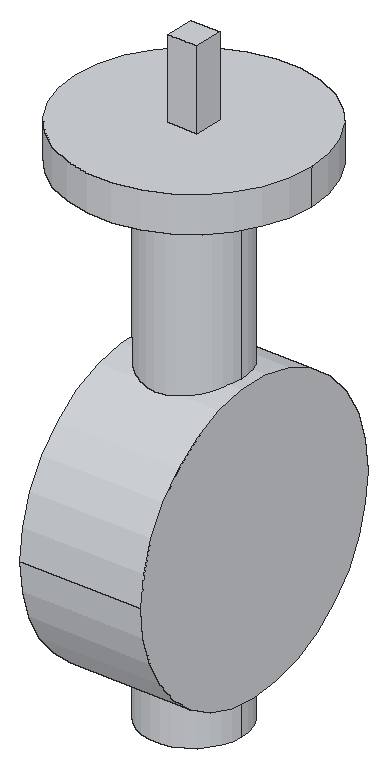
Revit family "HS497-68_disk-nerez_volné vřeteno DN065-RFA_2018", category Pipe Accessories, Revit 2018
Family settings
  Round Connector Dimension = Use Diameter
  Part Type = Valve - Breaks Into
  Work Plane-Based = No
  Always vertical = Yes
  Cut with Voids When Loaded = No
  Shared = No
Parameters (values of type "HS 497-68_DN065_PN16_volné vřeteno")
  magiProductId = "5e5e208646e34ec29f889baab5d08e"
  magiProductFamilyId = "53cea81e6f374d17b8841d9c72ad77"
  magiPartTypeId = 305
  isMeasuringValve [instance] = no
  ang2D [instance] = 0.00°
  X11 = 61.456 mm
  X1 = 25.456 mm
  W2D = 1000 mm
  VersionID = "2.0/2017.9.26.1/ZETKAMA_497_001"
  Use Minimum Symbol Size [instance] = yes
  URL = "http://www.hydronic.cz"
  Type Comments = "mezipřírubová; lnerezový disk; PN16; -10~+110°C (krátkodobě +120°C)"
  SW30 = no
  SW3 = no
  SW21 = no
  SW20 = no
  SW2 = no
  SW1 = yes
  R = 32.5 mm
  QmdConnectorList = "301;D;302;D"
  Productdata [instance] = ""
  NC = 50 mm
  Manufacturer = "Hydronic Systems Prague s.r.o."
  MM20 = 25.456 mm
  MC Product Code = "124 065 (nerezový disk, s volným vřetenem; DN65; PN16, kvs167)"
  M41 = 66 mm
  M4 = 44 mm
  LHL = 220 mm
  LHH3 = 2.45 mm
  LHH1 = 46.55 mm
  LH1 = 73.333 mm
  L4R__ve = -L4R  # -12.8 mm
  L4R = 12.8 mm
  L42__ve = -L42  # -96 mm
  L42 = 96 mm
  L41__ve = -L41  # -19.2 mm
  L41 = 19.2 mm
  L2D_Min = 3048 mm
  L2D = 216 mm
  L2 = 23 mm
  L1 = 36.8 mm
  L = 46 mm
  H = 30 mm
  G22 = 11.25 mm
  G2 = 22.5 mm
  G1 = 90 mm
  G = 90 mm
  F = 11 mm
  E44 = 31.25 mm
  E42 = 62.5 mm
  E4 = 125 mm
  E23 = 4.9 mm
  E22 = 19.6 mm
  E21 = 9.8 mm
  Description = "Mezipřírubová uzavírací klapka s volným vřetenem; nerezový disk, DN65; PN16; kv167"
  DR2 = 32.5 mm
  DR = 108 mm
  DD1 = 15.625 mm
  DD = 12.5 mm
  D = 65 mm
  CAT0 = yes
  B2__ve = -B2  # -36.5 mm
  B2 = 36.5 mm
  A2 = 13.5 mm
  A1 = 89 mm
Types (43, lengths in mm): name | magiProductId | X11 | X1 | Type Comments | SW30 | SW3 | SW20 | SW2 | SW1 | R | NC | Manufacturer | MM20 | MC Product Code | M41 | M4 | LHL | LHH3 | LHH1 | LH1 | L4R__ve | L4R | L42__ve | L42 | L41__ve | L41 | L2 | L1 | L | H | G | F | E44 | E42 | E4 | E23 | E22 | E21 | Description | DR2 | DR | DD1 | DD | D | B2__ve | B2 | A2 | A1
  HS 497-68_DN100_PN16_volné vřeteno | "65d1b245f4f142c78569c0602d5754" | 61.456 | 25.456 | "mezipřírubová; nerezový disk; PN16; -10~+110°C (krátkodobě +120°C)" | no | no | no | no | yes | 50 | 50 | "Hydronic Systems Prague s.r.o." | 25.456 | "124 100 (nerezový disk, s volným vřetenem; DN100; PN16, kvs512)" | 66 | 44 | 220 | 2.45 | 46.55 | 73.333 | -12.8 | 12.8 | -96 | 96 | -19.2 | 19.2 | 26 | 41.6 | 52 | 30 | 90 | 11 | 31.25 | 62.5 | 125 | 4.9 | 19.6 | 9.8 | "Mezipřírubová uzavírací klapka s volným vřetenem; nerezový disk, DN100; PN16; kvs512" | 50 | 147 | 15.625 | 12.5 | 100 | -56 | 56 | 16.5 | 98.5
  HS 497-68_DN100_PN16_převodové kolo | "11e91b807e674d428c8e796fcdcfe2" | 61.456 | 25.456 | "mezipřírubová; nerezový disk; PN16; -10~+110°C (krátkodobě +120°C)" | yes | yes | no | no | no | 50 | 50 | "Hydronic Systems Prague s.r.o." | 25.456 | "126 100 (nerezový disk, s převodovým kolem; DN100; PN16, kvs512)" | 65.25 | 43.5 | 220 | 2.45 | 46.55 | 73.333 | -12.8 | 12.8 | -96 | 96 | -19.2 | 19.2 | 26 | 41.6 | 52 | 30 | 90 | 11 | 31.25 | 62.5 | 125 | 4.9 | 19.6 | 9.8 | "Mezipřírubová uzavírací klapka s převodovým kolem; nerezový disk, DN100; PN16; kvs512" | 50 | 147 | 15.625 | 12.5 | 100 | -56 | 56 | 16.5 | 98.5
  HS 497-68_DN100_PN16_s pákou | "28172f0b3f4b47b28323ac71cf8749" | 61.456 | 25.456 | "mezipřírubová; nerezový disk; PN16; -10~+110°C (krátkodobě +120°C)" | no | no | yes | yes | no | 50 | 50 | "Hydronic Systems Prague s.r.o." | 25.456 | "121 100 (nerezový disk, s pákou; DN100; PN16, kvs512)" | 66 | 44 | 260 | 3 | 57 | 86.667 | -12.8 | 12.8 | -96 | 96 | -19.2 | 19.2 | 26 | 41.6 | 52 | 30 | 90 | 11 | 31.25 | 62.5 | 125 | 6 | 24 | 12 | "Mezipřírubová uzavírací klapka s pákou; nerezový disk, DN100; PN16; kvs512" | 50 | 147 | 15.625 | 12.5 | 100 | -56 | 56 | 16.5 | 98.5
  HS 497-68_DN125_PN16_volné vřeteno | "0d813d910fc14f628bb3c2efbd185c" | 61.456 | 25.456 | "mezipřírubová; nerezový disk; PN16; -10~+110°C (krátkodobě +120°C)" | no | no | no | no | yes | 62.5 | 50 | "Hydronic Systems Prague s.r.o." | 25.456 | "124 125 (nerezový disk, s volným vřetenem; DN125; PN16, kvs872)" | 66 | 44 | 220 | 2.45 | 46.55 | 73.333 | -12.8 | 12.8 | -96 | 96 | -19.2 | 19.2 | 28 | 44.8 | 56 | 33 | 90 | 14 | 31.25 | 62.5 | 125 | 4.9 | 19.6 | 9.8 | "Mezipřírubová uzavírací klapka s volným vřetenem; nerezový disk, DN125; PN16; kvs872" | 62.5 | 180 | 15.625 | 12.5 | 125 | -64 | 64 | 18 | 99.5
  HS 497-68_DN125_PN16_převodové kolo | "c56b7c13f372467684996fb1e0e229" | 61.456 | 25.456 | "mezipřírubová; nerezový disk; PN16; -10~+110°C (krátkodobě +120°C)" | yes | yes | no | no | no | 62.5 | 50 | "Hydronic Systems Prague s.r.o." | 25.456 | "126125 (nerezový disk, s převodovým kolem; DN125; PN16, kvs872)" | 65.25 | 43.5 | 220 | 2.45 | 46.55 | 73.333 | -13.5 | 13.5 | -101.25 | 101.25 | -20.25 | 20.25 | 28 | 44.8 | 56 | 33 | 90 | 14 | 40 | 80 | 160 | 4.9 | 19.6 | 9.8 | "Mezipřírubová uzavírací klapka s převodovým kolem; nerezový disk, DN125; PN16; kvs872" | 62.5 | 180 | 20 | 16 | 125 | -64 | 64 | 18 | 99.5
  HS 497-68_DN125_PN16_s pákou | "105993c79a91492399feef7931321a" | 61.456 | 25.456 | "mezipřírubová; nerezový disk; PN16; -10~+110°C (krátkodobě +120°C)" | no | no | yes | yes | no | 62.5 | 50 | "Hydronic Systems Prague s.r.o." | 25.456 | "121 125 (nerezový disk, s pákou; DN125; PN16, kvs872)" | 66 | 44 | 315 | 3.75 | 71.25 | 105 | -12.8 | 12.8 | -96 | 96 | -19.2 | 19.2 | 28 | 44.8 | 56 | 33 | 90 | 14 | 31.25 | 62.5 | 125 | 7.5 | 30 | 15 | "Mezipřírubová uzavírací klapka s pákou; nerezový disk, DN125; PN16; kvs872" | 62.5 | 180 | 15.625 | 12.5 | 125 | -64 | 64 | 18 | 99.5
  HS 497-68_DN150_PN16_volné vřeteno | "50c80cb8ab434f55ab7796e5ac1331" | 61.456 | 25.456 | "mezipřírubová; nerezový disk; PN16; -10~+110°C (krátkodobě +120°C)" | no | no | no | no | yes | 75 | 50 | "Hydronic Systems Prague s.r.o." | 25.456 | "124 150 (nerezový disk, s volným vřetenem; DN150; PN16, kvs1347)" | 66 | 44 | 220 | 2.45 | 46.55 | 73.333 | -12.8 | 12.8 | -96 | 96 | -19.2 | 19.2 | 28 | 44.8 | 56 | 33 | 90 | 14 | 31.25 | 62.5 | 125 | 4.9 | 19.6 | 9.8 | "Mezipřírubová uzavírací klapka s volným vřetenem; nerezový disk, DN150; PN16; kvs1347" | 75 | 206 | 15.625 | 12.5 | 150 | -58 | 58 | 19.3 | 98.7
  HS 497-68_DN150_PN16_převodové kolo | "d94a1a0cf83b476eb10011b327f709" | 61.456 | 25.456 | "mezipřírubová; nerezový disk; PN16; -10~+110°C (krátkodobě +120°C)" | yes | yes | no | no | no | 75 | 50 | "Hydronic Systems Prague s.r.o." | 25.456 | "126 150 (nerezový disk, s převodovým kolem; DN150; PN16, kvs1347)" | 65.25 | 43.5 | 220 | 2.45 | 46.55 | 73.333 | -13.5 | 13.5 | -101.25 | 101.25 | -20.25 | 20.25 | 28 | 44.8 | 56 | 33 | 90 | 14 | 40 | 80 | 160 | 4.9 | 19.6 | 9.8 | "Mezipřírubová uzavírací klapka s převodovým kolem; nerezový disk, DN150; PN16; kvs1347" | 75 | 206 | 20 | 16 | 150 | -58 | 58 | 19.3 | 98.7
  HS 497-68_DN150_PN16_s pákou | "4d2835523fe84828bc50ff0a5a0dfb" | 61.456 | 25.456 | "mezipřírubová; nerezový disk; PN16; -10~+110°C (krátkodobě +120°C)" | no | no | yes | yes | no | 75 | 50 | "Hydronic Systems Prague s.r.o." | 25.456 | "121 150 (nerezový disk, s pákou; DN150; PN16, kvs1347)" | 66 | 44 | 315 | 3.75 | 71.25 | 105 | -12.8 | 12.8 | -96 | 96 | -19.2 | 19.2 | 28 | 44.8 | 56 | 33 | 90 | 14 | 31.25 | 62.5 | 125 | 7.5 | 30 | 15 | "Mezipřírubová uzavírací klapka s pákou; nerezový disk, DN150; PN16; kvs1347" | 75 | 206 | 15.625 | 12.5 | 150 | -58 | 58 | 19.3 | 98.7
  HS 497-68_DN200_PN16_volné vřeteno | "5b29029eaeba47139ee1055a4b9201" | 61.456 | 25.456 | "mezipřírubová; nerezový disk; PN16; -10~+110°C (krátkodobě +120°C)" | no | no | no | no | yes | 100 | 50 | "Hydronic Systems Prague s.r.o." | 25.456 | "124 200 (nerezový disk, s volným vřetenem; DN200; PN16, kvs2675)" | 66 | 44 | 220 | 2.45 | 46.55 | 73.333 | -12.8 | 12.8 | -96 | 96 | -19.2 | 19.2 | 30 | 48 | 60 | 33 | 90 | 17 | 31.25 | 62.5 | 125 | 4.9 | 19.6 | 9.8 | "Mezipřírubová uzavírací klapka s volným vřetenem; nerezový disk, DN200; PN16; kvs2675" | 100 | 257 | 15.625 | 12.5 | 200 | -70 | 70 | 22.5 | 102.5
  HS 497-68_DN200_PN16_převodové kolo | "b2793cc1fcc44cf2a35062cd67c04f" | 61.456 | 25.456 | "mezipřírubová; nerezový disk; PN16; -10~+110°C (krátkodobě +120°C)" | yes | yes | no | no | no | 100 | 57 | "Hydronic Systems Prague s.r.o." | 25.456 | "126 200 (nerezový disk, s převodovým kolem; DN200; PN16, kvs2675)" | 78.75 | 52.5 | 220 | 2.45 | 46.55 | 73.333 | -15.2 | 15.2 | -114 | 114 | -22.8 | 22.8 | 30 | 48 | 60 | 33 | 90 | 17 | 50 | 100 | 200 | 4.9 | 19.6 | 9.8 | "Mezipřírubová uzavírací klapka s převodovým kolem; nerezový disk, DN200; PN16; kvs2675" | 100 | 257 | 25 | 20 | 200 | -70 | 70 | 22.5 | 102.5
  HS 497-68_DN200_PN16_s pákou | "f88d96c7af224537a51e72d7d8fffe" | 61.456 | 25.456 | "mezipřírubová; nerezový disk; PN16; -10~+110°C (krátkodobě +120°C)" | no | no | yes | yes | no | 100 | 50 | "Hydronic Systems Prague s.r.o." | 25.456 | "121 200 (nerezový disk, s pákou; DN200; PN16, kvs2675)" | 66 | 44 | 315 | 3.75 | 71.25 | 105 | -12.8 | 12.8 | -96 | 96 | -19.2 | 19.2 | 30 | 48 | 60 | 33 | 90 | 17 | 31.25 | 62.5 | 125 | 7.5 | 30 | 15 | "Mezipřírubová uzavírací klapka s pákou; nerezový disk, DN200; PN16; kvs2675" | 100 | 257 | 15.625 | 12.5 | 200 | -70 | 70 | 22.5 | 102.5
  HS 497-68_DN250_PN16_volné vřeteno | "b662e8305ca2402b9c510e66e6aa55" | 88.77 | 36.77 | "mezipřírubová; nerezový disk; PN16; -10~+110°C (krátkodobě +120°C)" | no | no | no | no | yes | 125 | 50 | "Hydronic Systems Prague s.r.o." | 36.77 | "124 250 (nerezový disk, s volným vřetenem; DN250; PN16, kvs4555)" | 66 | 44 | 220 | 2.45 | 46.55 | 73.333 | -12.8 | 12.8 | -96 | 96 | -19.2 | 19.2 | 34 | 54.4 | 68 | 23 | 130 | 22 | 31.25 | 62.5 | 125 | 4.9 | 19.6 | 9.8 | "Mezipřírubová uzavírací klapka s volným vřetenem; nerezový disk, DN250; PN16; kvs4555" | 125 | 324 | 15.625 | 12.5 | 250 | -85 | 85 | 28.25 | 129.25
  HS 497-68_DN250_PN16_převodové kolo | "5ee9016806664ddfaa2632711f295c" | 88.77 | 36.77 | "mezipřírubová; nerezový disk; PN16; -10~+110°C (krátkodobě +120°C)" | yes | yes | no | no | no | 125 | 70 | "Hydronic Systems Prague s.r.o." | 36.77 | "126 250 (nerezový disk, s převodovým kolem; DN250; PN16, kvs4555)" | 91.5 | 61 | 220 | 2.45 | 46.55 | 73.333 | -22.2 | 22.2 | -166.5 | 166.5 | -33.3 | 33.3 | 34 | 54.4 | 68 | 23 | 130 | 22 | 62.5 | 125 | 250 | 4.9 | 19.6 | 9.8 | "Mezipřírubová uzavírací klapka s převodovým kolem; nerezový disk, DN250; PN16; kvs4555" | 125 | 324 | 31.25 | 25 | 250 | -85 | 85 | 28.25 | 129.25
  HS 497-68_DN300_PN16_volné vřeteno | "e1886f51ff004380a649519258edf2" | 88.77 | 36.77 | "mezipřírubová; nerezový disk; PN16; -10~+110°C (krátkodobě +120°C)" | no | no | no | no | yes | 150 | 50 | "Hydronic Systems Prague s.r.o." | 36.77 | "124 300 (nerezový disk, s volným vřetenem; DN300; PN16, kvs7037)" | 66 | 44 | 220 | 2.45 | 46.55 | 73.333 | -12.8 | 12.8 | -96 | 96 | -19.2 | 19.2 | 39 | 62.4 | 78 | 23 | 130 | 22 | 31.25 | 62.5 | 125 | 4.9 | 19.6 | 9.8 | "Mezipřírubová uzavírací klapka s volným vřetenem; nerezový disk, DN300; PN16; kvs7037" | 150 | 376 | 15.625 | 12.5 | 300 | -90 | 90 | 30.8 | 127.2
  HS 497-68_DN300_PN16_převodové kolo | "6860f094f77d42088fbebc3c97f755" | 88.77 | 36.77 | "mezipřírubová; nerezový disk; PN16; -10~+110°C (krátkodobě +120°C)" | yes | yes | no | no | no | 150 | 70 | "Hydronic Systems Prague s.r.o." | 36.77 | "126 300 (nerezový disk, s převodovým kolem; DN300; PN16, kvs7037)" | 91.5 | 61 | 220 | 2.45 | 46.55 | 73.333 | -22.2 | 22.2 | -166.5 | 166.5 | -33.3 | 33.3 | 39 | 62.4 | 78 | 23 | 130 | 22 | 62.5 | 125 | 250 | 4.9 | 19.6 | 9.8 | "Mezipřírubová uzavírací klapka s převodovým kolem; nerezový disk, DN300; PN16; kvs7037" | 150 | 376 | 31.25 | 25 | 300 | -90 | 90 | 30.8 | 127.2
  HS 497-68_DN032_PN16_volné vřeteno | "8c5f65de52aa4067a77564107e31b2" | 61.456 | 25.456 | "mezipřírubová; nerezový disk; PN16; -10~+110°C (krátkodobě +120°C)" | no | no | no | no | yes | 16 | 50 | "Hydronic Systems Prague s.r.o." | 25.456 | "124 032 (nerezový disk, s volným vřetenem; DN32; PN16, kvs78)" | 66 | 44 | 220 | 2.45 | 46.55 | 73.333 | -12.8 | 12.8 | -96 | 96 | -19.2 | 19.2 | 16.5 | 26.4 | 33 | 30 | 90 | 11 | 31.25 | 62.5 | 125 | 4.9 | 19.6 | 9.8 | "Mezipřírubová uzavírací klapka s volným vřetenem; nerezový disk, DN32; PN16; kvs78" | 16 | 68 | 15.625 | 12.5 | 32 | -44.2 | 44.2 | 10.25 | 76.25
  HS 497-68_DN032_PN16_převodové kolo | "60aaeffa8b3a4e809ef000e4660060" | 61.456 | 25.456 | "mezipřírubová; nerezový disk; PN16; -10~+110°C (krátkodobě +120°C)" | yes | yes | no | no | no | 16 | 50 | "Hydronic Systems Prague s.r.o." | 25.456 | "126 032 (nerezový disk, s převodovým kolem; DN32; PN16, kvs78)" | 65.25 | 43.5 | 220 | 2.45 | 46.55 | 73.333 | -12.8 | 12.8 | -96 | 96 | -19.2 | 19.2 | 16.5 | 26.4 | 33 | 30 | 90 | 11 | 31.25 | 62.5 | 125 | 4.9 | 19.6 | 9.8 | "Mezipřírubová uzavírací klapka s převodovým kolem; nerezový disk, DN32; PN16; kvs78" | 16 | 68 | 15.625 | 12.5 | 32 | -44.2 | 44.2 | 10.25 | 76.25
  HS 497-68_DN032_PN16_s pákou | "9ad8088d610749a1b871aa2aad8007" | 61.456 | 25.456 | "mezipřírubová; nerezový disk; PN16; -10~+110°C (krátkodobě +120°C)" | no | no | yes | yes | no | 16 | 50 | "Hydronic Systems Prague s.r.o." | 25.456 | "121 032 (nerezový disk, s pákou; DN32; PN16, kvs78)" | 66 | 44 | 220 | 2.45 | 46.55 | 73.333 | -12.8 | 12.8 | -96 | 96 | -19.2 | 19.2 | 16.5 | 26.4 | 33 | 30 | 90 | 11 | 31.25 | 62.5 | 125 | 4.9 | 19.6 | 9.8 | "Mezipřírubová uzavírací klapka s pákou; nerezový disk, DN32; PN16; kvs78" | 16 | 68 | 15.625 | 12.5 | 32 | -44.2 | 44.2 | 10.25 | 76.25
  HS 497-68_DN350_PN10_volné vřeteno | "72a1e05f22944421b7e9596a877137" | 109.255 | 45.255 | "mezipřírubová; nerezový disk; PN10; -10~+110°C (krátkodobě +120°C)" | no | no | no | no | yes | 175 | 50 | "Hydronic Systems Prague s.r.o." | 45.255 | "124 350 (nerezový disk, s volným vřetenem; DN350; PN10, kvs10165)" | 66 | 44 | 220 | 2.45 | 46.55 | 73.333 | -12.8 | 12.8 | -96 | 96 | -19.2 | 19.2 | 39 | 62.4 | 78 | 31 | 160 | 22 | 31.25 | 62.5 | 125 | 4.9 | 19.6 | 9.8 | "Mezipřírubová uzavírací klapka s volným vřetenem; nerezový disk, DN350; PN10; kvs10165" | 175 | 430 | 15.625 | 12.5 | 350 | -88 | 88 | 33.85 | 129.65
  HS 497-68_DN350_PN10_převodové kolo | "a5a01426cb28494ba3afca92f1dace" | 109.255 | 45.255 | "mezipřírubová; nerezový disk; PN10; -10~+110°C (krátkodobě +120°C)" | yes | yes | no | no | no | 175 | 70 | "Hydronic Systems Prague s.r.o." | 45.255 | "126 350 (nerezový disk, s převodovým kolem; DN350; PN10, kvs10165)" | 91.5 | 61 | 220 | 2.45 | 46.55 | 73.333 | -22.2 | 22.2 | -166.5 | 166.5 | -33.3 | 33.3 | 39 | 62.4 | 78 | 31 | 160 | 22 | 62.5 | 125 | 250 | 4.9 | 19.6 | 9.8 | "Mezipřírubová uzavírací klapka s převodovým kolem; nerezový disk, DN350; PN10; kvs10165" | 175 | 430 | 31.25 | 25 | 350 | -88 | 88 | 33.85 | 129.65
  HS 497-68_DN400_PN10_volné vřeteno | "c70ebeb927c04ab99b176e257ad0a7" | 109.255 | 45.255 | "mezipřírubová; nerezový disk; PN10; -10~+110°C (krátkodobě +120°C)" | no | no | no | no | yes | 200 | 50 | "Hydronic Systems Prague s.r.o." | 45.255 | "124 400 (nerezový disk, s volným vřetenem; DN400; PN10, kvs13799)" | 66 | 44 | 220 | 2.45 | 46.55 | 73.333 | -12.8 | 12.8 | -96 | 96 | -19.2 | 19.2 | 51 | 81.6 | 102 | 31 | 160 | 27 | 31.25 | 62.5 | 125 | 4.9 | 19.6 | 9.8 | "Mezipřírubová uzavírací klapka s volným vřetenem; nerezový disk, DN400; PN10; kvs13799" | 200 | 485 | 15.625 | 12.5 | 400 | -108 | 108 | 38 | 142
  HS 497-68_DN400_PN10_převodové kolo | "cc64a4384dcb41b780d81810f4f293" | 109.255 | 45.255 | "mezipřírubová; nerezový disk; PN10; -10~+110°C (krátkodobě +120°C)" | yes | yes | no | no | no | 200 | 72.5 | "Hydronic Systems Prague s.r.o." | 45.255 | "126 400 (nerezový disk, s převodovým kolem; DN400; PN10, kvs13799)" | 103.5 | 69 | 220 | 2.45 | 46.55 | 73.333 | -27.8 | 27.8 | -208.5 | 208.5 | -41.7 | 41.7 | 51 | 81.6 | 102 | 31 | 160 | 27 | 75 | 150 | 300 | 4.9 | 19.6 | 9.8 | "Mezipřírubová uzavírací klapka s převodovým kolem; nerezový disk, DN400; PN10; kvs13799" | 200 | 485 | 37.5 | 30 | 400 | -108 | 108 | 38 | 142
  HS 497-68_DN040_PN16_volné vřeteno | "35f92312390745e88df5b5c325d9ee" | 61.456 | 25.456 | "mezipřírubová; nerezový disk; PN16; -10~+110°C (krátkodobě +120°C)" | no | no | no | no | yes | 20 | 50 | "Hydronic Systems Prague s.r.o." | 25.456 | "124 040 (nerezový disk, s volným vřetenem; DN40; PN16, kvs78)" | 66 | 44 | 220 | 2.45 | 46.55 | 73.333 | -12.8 | 12.8 | -96 | 96 | -19.2 | 19.2 | 16.5 | 26.4 | 33 | 30 | 90 | 11 | 31.25 | 62.5 | 125 | 4.9 | 19.6 | 9.8 | "Mezipřírubová uzavírací klapka s volným vřetenem; nerezový disk, DN40; PN16; kvs78" | 20 | 76 | 15.625 | 12.5 | 40 | -36 | 36 | 11 | 79
  HS 497-68_DN040_PN16_převodové kolo | "d88e968eae3445bc9b7b4e6ff35127" | 61.456 | 25.456 | "mezipřírubová; nerezový disk; PN16; -10~+110°C (krátkodobě +120°C)" | yes | yes | no | no | no | 20 | 50 | "Hydronic Systems Prague s.r.o." | 25.456 | "126 040 (nerezový disk, s převodovým kolem; DN40; PN16, kvs78)" | 65.25 | 43.5 | 220 | 2.45 | 46.55 | 73.333 | -12.8 | 12.8 | -96 | 96 | -19.2 | 19.2 | 16.5 | 26.4 | 33 | 30 | 90 | 11 | 31.25 | 62.5 | 125 | 4.9 | 19.6 | 9.8 | "Mezipřírubová uzavírací klapka s převodovým kolem; nerezový disk, DN40; PN16; kvs78" | 20 | 76 | 15.625 | 12.5 | 40 | -36 | 36 | 11 | 79
  HS 497-68_DN040_PN16_s pákou | "c1b522ca65b4407a98818f232eaacb" | 61.456 | 25.456 | "mezipřírubová; nerezový disk; PN16; -10~+110°C (krátkodobě +120°C)" | no | no | yes | yes | no | 20 | 50 | "Hydronic Systems Prague s.r.o." | 25.456 | "121 040 (nerezový disk, s pákou; DN40; PN16, kvs78)" | 66 | 44 | 220 | 2.45 | 46.55 | 73.333 | -12.8 | 12.8 | -96 | 96 | -19.2 | 19.2 | 16.5 | 26.4 | 33 | 30 | 90 | 11 | 31.25 | 62.5 | 125 | 4.9 | 19.6 | 9.8 | "Mezipřírubová uzavírací klapka s pákou; nerezový disk, DN40; PN16; kvs78" | 20 | 76 | 15.625 | 12.5 | 40 | -36 | 36 | 11 | 79
  HS 497-68_DN450_PN10_volné vřeteno | "a8358bc282f14872b3194e530e590a" | 129.74 | 53.74 | "mezipřírubová; nerezový disk; PN10; -10~+110°C (krátkodobě +120°C)" | no | no | no | no | yes | 225 | 50 | "Hydronic Systems Prague s.r.o." | 53.74 | "124 450 (nerezový disk, s volným vřetenem; DN450; PN10, kvs18514)" | 66 | 44 | 220 | 2.45 | 46.55 | 73.333 | -12.8 | 12.8 | -96 | 96 | -19.2 | 19.2 | 57 | 91.2 | 114 | 38 | 190 | 36 | 31.25 | 62.5 | 125 | 4.9 | 19.6 | 9.8 | "Mezipřírubová uzavírací klapka s volným vřetenem; nerezový, DN450; PN10; kvs18514" | 225 | 536 | 15.625 | 12.5 | 450 | -115 | 115 | 38.05 | 117.45
  HS 497-68_DN450_PN10_převodové kolo | "cdf2d80f54a9414f9cbe50647c0ebd" | 129.74 | 53.74 | "mezipřírubová; nerezový disk; PN10; -10~+110°C (krátkodobě +120°C)" | yes | yes | no | no | no | 225 | 91.5 | "Zetkama" | 53.74 | "126 450 (nerezový disk, s převodovým kolem; DN450; PN10, kvs18514)" | 144.75 | 96.5 | 220 | 2.45 | 46.55 | 73.333 | -32.1 | 32.1 | -240.75 | 240.75 | -48.15 | 48.15 | 57 | 91.2 | 114 | 38 | 190 | 36 | 100 | 200 | 400 | 4.9 | 19.6 | 9.8 | "Mezipřírubová uzavírací klapka s převodovým kolem; nerezový disk, DN450; PN10; kvs18514" | 225 | 536 | 50 | 40 | 450 | -115 | 115 | 38.05 | 117.45
  HS 497-68_DN500_PN10_volné vřeteno | "8c396e27bb2743f98f3c762b6517cd" | 143.397 | 59.397 | "mezipřírubová; nerezový disk; PN10; -10~+110°C (krátkodobě +120°C)" | no | no | no | no | yes | 250 | 50 | "Hydronic Systems Prague s.r.o." | 59.397 | "124 500 (nerezový disk, s volným vřetenem; DN500; PN10, kvs23805)" | 66 | 44 | 220 | 2.45 | 46.55 | 73.333 | -12.8 | 12.8 | -96 | 96 | -19.2 | 19.2 | 63.5 | 101.6 | 127 | 38 | 210 | 36 | 31.25 | 62.5 | 125 | 4.9 | 19.6 | 9.8 | "Mezipřírubová uzavírací klapka s volným vřetenem; nerezový disk, DN500; PN10; kvs23805" | 250 | 593 | 15.625 | 12.5 | 500 | -130 | 130 | 43.25 | 139.25
  HS 497-68_DN500_PN10_převodové kolo | "7647804f32e94cef828a7034a91a46" | 143.397 | 59.397 | "mezipřírubová; nerezový disk; PN10; -10~+110°C (krátkodobě +120°C)" | yes | yes | no | no | no | 250 | 91.5 | "Zetkama" | 59.397 | "126 500 (nerezový disk, s převodovým kolem; DN500; PN10, kvs23805)" | 144.75 | 96.5 | 220 | 2.45 | 46.55 | 73.333 | -32.1 | 32.1 | -240.75 | 240.75 | -48.15 | 48.15 | 63.5 | 101.6 | 127 | 38 | 210 | 36 | 100 | 200 | 400 | 4.9 | 19.6 | 9.8 | "Mezipřírubová uzavírací klapka s převodovým kolem; nerezový disk, DN500; PN10; kvs23805" | 250 | 593 | 50 | 40 | 500 | -130 | 130 | 43.25 | 139.25
  HS 497-68_DN050_volné vřeteno | "d71f296ecd6d4adf8f6e5d9853b4e0" | 61.456 | 25.456 | "mezipřírubová; nerezový disk; PN16; -10~+110°C (krátkodobě +120°C)" | no | no | no | no | yes | 25 | 50 | "Hydronic Systems Prague s.r.o." | 25.456 | "124 050 (nerezový disk, s volným vřetenem; DN50; PN16, kvs98)" | 66 | 44 | 220 | 2.45 | 46.55 | 73.333 | -12.8 | 12.8 | -96 | 96 | -19.2 | 19.2 | 21.5 | 34.4 | 43 | 30 | 90 | 11 | 31.25 | 62.5 | 125 | 4.9 | 19.6 | 9.8 | "Mezipřírubová uzavírací klapka s volným vřetenem; nerezový disk, DN50; PN16; kvs98" | 25 | 100 | 15.625 | 12.5 | 50 | -36.5 | 36.5 | 12 | 83
  HS 497-68_DN050_PN16_převodové kolo | "2fb080deeaed49c58418b94c1da5a4" | 61.456 | 25.456 | "mezipřírubová; nerezový disk; PN16; -10~+110°C (krátkodobě +120°C)" | yes | yes | no | no | no | 25 | 50 | "Hydronic Systems Prague s.r.o." | 25.456 | "126 050 (nerezový disk, s převodovým kolem; DN50; PN16, kvs98)" | 65.25 | 43.5 | 220 | 2.45 | 46.55 | 73.333 | -12.8 | 12.8 | -96 | 96 | -19.2 | 19.2 | 21.5 | 34.4 | 43 | 30 | 90 | 11 | 31.25 | 62.5 | 125 | 4.9 | 19.6 | 9.8 | "Mezipřírubová uzavírací klapka s převodovým kolem; nerezový disk, DN50; PN16; kvs98" | 25 | 100 | 15.625 | 12.5 | 50 | -36.5 | 36.5 | 12 | 83
  HS 497-68_DN050_PN16_s pákou | "dabc632061f94877a994b9b4e68112" | 61.456 | 25.456 | "mezipřírubová; nerezový disk; PN16; -10~+110°C (krátkodobě +120°C)" | no | no | yes | yes | no | 25 | 50 | "Hydronic Systems Prague s.r.o." | 25.456 | "121 050 (nerezový disk, s pákou; DN50; PN16, kvs98)" | 66 | 44 | 220 | 2.45 | 46.55 | 73.333 | -12.8 | 12.8 | -96 | 96 | -19.2 | 19.2 | 21.5 | 34.4 | 43 | 30 | 90 | 11 | 31.25 | 62.5 | 125 | 4.9 | 19.6 | 9.8 | "Mezipřírubová uzavírací klapka s pákou; nerezový disk, DN50; PN16; kvs98" | 25 | 100 | 15.625 | 12.5 | 50 | -36.5 | 36.5 | 12 | 83
  HS 497-68_DN600_PN10_volné vřeteno | "99d5892c14664fce81a7c5903f7711" | 143.397 | 59.397 | "mezipřírubová; nerezový disk; PN10; -10~+110°C (krátkodobě +120°C)" | no | no | no | no | yes | 300 | 50 | "Hydronic Systems Prague s.r.o." | 59.397 | "124 600 (nerezový disk, s volným vřetenem; DN600; PN10, kvs36778)" | 66 | 44 | 220 | 2.45 | 46.55 | 73.333 | -12.8 | 12.8 | -96 | 96 | -19.2 | 19.2 | 77 | 123.2 | 154 | 80 | 210 | 60 | 31.25 | 62.5 | 125 | 4.9 | 19.6 | 9.8 | "Mezipřírubová uzavírací klapka s volným vřetenem; nerezový disk, DN600; PN10; kvs36788" | 300 | 690 | 15.625 | 12.5 | 600 | -140 | 140 | 49.4 | 144.6
  HS 497-68_DN600_PN10_převodové kolo | "b1e26faab48a4c499f6bb11e7e3002" | 143.397 | 59.397 | "mezipřírubová; lnerezový disk; PN10; -10~+110°C (krátkodobě +120°C)" | yes | yes | no | no | no | 300 | 140 | "Hydronic Systems Prague s.r.o." | 59.397 | "126 600 (nerezový disk, s převodovým kolem; DN600; PN10, kvs36778)" | 206.25 | 137.5 | 220 | 2.45 | 46.55 | 73.333 | -40.8 | 40.8 | -306 | 306 | -61.2 | 61.2 | 77 | 123.2 | 154 | 80 | 210 | 60 | 125 | 250 | 500 | 4.9 | 19.6 | 9.8 | "Mezipřírubová uzavírací klapka s převodovým kolem; nerezový disk, DN600; PN10; kvs36788" | 300 | 690 | 62.5 | 50 | 600 | -140 | 140 | 49.4 | 144.6
  HS 497-68_DN065_PN16_volné vřeteno | "5e5e208646e34ec29f889baab5d08e" | 61.456 | 25.456 | "mezipřírubová; lnerezový disk; PN16; -10~+110°C (krátkodobě +120°C)" | no | no | no | no | yes | 32.5 | 50 | "Hydronic Systems Prague s.r.o." | 25.456 | "124 065 (nerezový disk, s volným vřetenem; DN65; PN16, kvs167)" | 66 | 44 | 220 | 2.45 | 46.55 | 73.333 | -12.8 | 12.8 | -96 | 96 | -19.2 | 19.2 | 23 | 36.8 | 46 | 30 | 90 | 11 | 31.25 | 62.5 | 125 | 4.9 | 19.6 | 9.8 | "Mezipřírubová uzavírací klapka s volným vřetenem; nerezový disk, DN65; PN16; kv167" | 32.5 | 108 | 15.625 | 12.5 | 65 | -36.5 | 36.5 | 13.5 | 89
  HS 497-68_DN065_PN16_převodové kolo | "654d74c8d15540b0bfe523d988ccb3" | 61.456 | 25.456 | "mezipřírubová; nerezový disk; PN16; -10~+110°C (krátkodobě +120°C)" | yes | yes | no | no | no | 32.5 | 50 | "Hydronic Systems Prague s.r.o." | 25.456 | "126 065 (nerezový disk, s převodovým kolem; DN65; PN16, kvs167)" | 65.25 | 43.5 | 220 | 2.45 | 46.55 | 73.333 | -12.8 | 12.8 | -96 | 96 | -19.2 | 19.2 | 23 | 36.8 | 46 | 30 | 90 | 11 | 31.25 | 62.5 | 125 | 4.9 | 19.6 | 9.8 | "Mezipřírubová uzavírací klapka s převodovým kolem; nerezový disk, DN65; PN16; kvs167" | 32.5 | 108 | 15.625 | 12.5 | 65 | -36.5 | 36.5 | 13.5 | 89
  HS 497-68_DN065_PN16_s pákou | "ebeb4b59db0641caaf6d6635ab37b9" | 61.456 | 25.456 | "mezipřírubová; nerezový disk; PN16; -10~+110°C (krátkodobě +120°C)" | no | no | yes | yes | no | 32.5 | 50 | "Hydronic Systems Prague s.r.o." | 25.456 | "121 065 (nerezový disk, s pákou; DN65; PN16, kvs167)" | 66 | 44 | 220 | 2.45 | 46.55 | 73.333 | -12.8 | 12.8 | -96 | 96 | -19.2 | 19.2 | 23 | 36.8 | 46 | 30 | 90 | 11 | 31.25 | 62.5 | 125 | 4.9 | 19.6 | 9.8 | "Mezipřírubová uzavírací klapka s pákou; nerezový disk, DN65; PN16; kvs167" | 32.5 | 108 | 15.625 | 12.5 | 65 | -36.5 | 36.5 | 13.5 | 89
  HS 497-68_DN080_PN16_volné vřeteno | "9e85c75c18654e1185a9c48ed6b00e" | 61.456 | 25.456 | "mezipřírubová; nerezový disk; PN16; -10~+110°C (krátkodobě +120°C)" | no | no | no | no | yes | 40 | 50 | "Hydronic Systems Prague s.r.o." | 25.456 | "124 080 (nerezový disk, s volným vřetenem; DN80; PN16, kvs258)" | 66 | 44 | 220 | 2.45 | 46.55 | 73.333 | -12.8 | 12.8 | -96 | 96 | -19.2 | 19.2 | 23 | 36.8 | 46 | 30 | 90 | 11 | 31.25 | 62.5 | 125 | 4.9 | 19.6 | 9.8 | "Mezipřírubová uzavírací klapka s volným vřetenem; nerezový disk, DN80; PN16; kvs258" | 40 | 124 | 15.625 | 12.5 | 80 | -54 | 54 | 14.1 | 86.9
  HS 497-68_DN080_PN16_převodové kolo | "5b3c8238c3d041e68c75b199e7ea46" | 61.456 | 25.456 | "mezipřírubová; nerezový disk; PN16; -10~+110°C (krátkodobě +120°C)" | yes | yes | no | no | no | 40 | 50 | "Hydronic Systems Prague s.r.o." | 25.456 | "126 080 (nerezový disk, s převodovým kolem; DN80; PN16, kvs258)" | 65.25 | 43.5 | 220 | 2.45 | 46.55 | 73.333 | -12.8 | 12.8 | -96 | 96 | -19.2 | 19.2 | 23 | 36.8 | 46 | 30 | 90 | 11 | 31.25 | 62.5 | 125 | 4.9 | 19.6 | 9.8 | "Mezipřírubová uzavírací klapka s převodovým kolem; nerezový disk, DN80; PN16; kvs258" | 40 | 124 | 15.625 | 12.5 | 80 | -54 | 54 | 14.1 | 86.9
  HS 497-68_DN080_PN16_s pákou | "e414795fab0f4eccb99bc3572c5477" | 61.456 | 25.456 | "mezipřírubová; nerezový disk; PN16; -10~+110°C (krátkodobě +120°C)" | no | no | yes | yes | no | 40 | 50 | "Hydronic Systems Prague s.r.o." | 25.456 | "121 080 (nerezový disk, s pákou; DN80; PN16, kvs258)" | 66 | 44 | 260 | 3 | 57 | 86.667 | -12.8 | 12.8 | -96 | 96 | -19.2 | 19.2 | 23 | 36.8 | 46 | 30 | 90 | 11 | 31.25 | 62.5 | 125 | 6 | 24 | 12 | "Mezipřírubová uzavírací klapka s pákou; nerezový disk, DN80; PN16; kvs258" | 40 | 124 | 15.625 | 12.5 | 80 | -54 | 54 | 14.1 | 86.9
  HS 497-68_DN250_PN16_s pákou | "" | 88.77 | 36.77 | "mezipřírubová; nerezový disk; PN16; -10~+110°C (krátkodobě +120°C)" | no | no | yes | yes | no | 125 | 70 | "Hydronic Systems Prague s.r.o." | 36.77 | "121 250 (nerezový disk, s ákou; DN250; PN16, kvs4555)" | 91.5 | 61 | 220 | 2.45 | 46.55 | 73.333 | -22.2 | 22.2 | -166.5 | 166.5 | -33.3 | 33.3 | 34 | 54.4 | 68 | 23 | 130 | 22 | 62.5 | 125 | 250 | 4.9 | 19.6 | 9.8 | "Mezipřírubová uzavírací klapka s pákou; nerezový disk, DN250; PN16; kvs4555" | 125 | 324 | 31.25 | 25 | 250 | -85 | 85 | 28.25 | 129.25
  HS 497-68_DN300_PN16_s pákou | "" | 88.77 | 36.77 | "mezipřírubová; nerezový disk; PN16; -10~+110°C (krátkodobě +120°C)" | no | no | yes | yes | no | 150 | 70 | "Hydronic Systems Prague s.r.o." | 36.77 | "121 300 (nerezový disk, s pákou; DN300; PN16, kvs7037)" | 91.5 | 61 | 220 | 2.45 | 46.55 | 73.333 | -22.2 | 22.2 | -166.5 | 166.5 | -33.3 | 33.3 | 39 | 62.4 | 78 | 23 | 130 | 22 | 62.5 | 125 | 250 | 4.9 | 19.6 | 9.8 | "Mezipřírubová uzavírací klapka s pákou; nerezový disk, DN300; PN16; kvs7037" | 150 | 376 | 31.25 | 25 | 300 | -90 | 90 | 30.8 | 127.2
Reference planes
  plane 1 "Center (Front/Back)": y = 0
  plane 2 "XYPLANE": z = 0
  plane 3 "Center (Left/Right)": x = 0
  plane 4 "473": x = -25.456
  plane 5 "472": x = -66
  plane 6 "471": y = -25.456
  plane 7 "470": y = 25.456
  plane 8 "469": x = -44
  plane 9 "468": y = -115.2
  plane 10 "467": y = -96
  plane 11 "466": z = 166.25
  plane 12 "465": z = 181.55
  plane 13 "464": y = 145.417
  plane 14 "463": z = 171.75
  plane 15 "462": z = 154.6
  plane 16 "461": z = 164.4
  plane 17 "460": y = 72.083
  plane 18 "459": x = -11.25
  plane 19 "458": x = 11.25
  plane 20 "457": y = -6.25
  plane 21 "456": x = -17.5
  plane 22 "455": x = 17.5
  plane 23 "454": z = 169.3
  plane 24 "453": y = 62.083
  plane 25 "452": y = -11.25
  plane 26 "451": x = -22.5
  plane 27 "450": x = 22.5
  plane 28 "449": z = 149.7
  plane 29 "448": z = 144.8
  plane 30 "447": z = -32.5
  plane 31 "446": z = 135
  plane 32 "445": z = 121.5
  plane 33 "444": z = 32.5
  plane 34 "443": x = 23
  plane 35 "442": x = -23
  plane 36 "441": z = 0
  plane 37 "440": y = 0
  plane 38 "439": x = 0
  plane 39 "438": z = 184
  plane 40 "437": z = 169.3
  plane 41 "436": x = 13.7
  plane 42 "435": x = -13.7
  plane 43 "434": y = 220
Forms (mm)
  Extrusion 1, solid, visible <- "SW3"
    sketch origin (-750, 0, 135) x (1, 0, 0) y (0, 1, 0)
      loop
        line (684, 25.456) -> (684, -25.456) -> (724.544, -25.456)
        arc (724.544, -25.456) -> (786, 0) -> (724.544, 25.456) r 36
        line (724.544, 25.456) -> (684, 25.456)
    from 0 to 62.5 <- "E42"
  Extrusion 2, solid, visible <- "SW30"
    sketch origin (0, -750, 0) x (0, 1, 0) y (0, 0, 1)
      loop
        circle (750, 166.25) r 7.813
    from 0 to 50 <- "NC"
  Extrusion 3, solid, visible <- "SW30"
    sketch origin (750, -115.2, 0) x (-1, 0, 0) y (0, 0, 1)
      loop
        circle (794, 166.25) r 62.5
    from 0 to -12.8 <- "L4R__ve"
  Extrusion 4, solid, visible <- "SW3"
    sketch origin (750, -96, 0) x (-1, 0, 0) y (0, 0, 1)
      loop
        circle (794, 166.25) r 7.813
    from 0 to -19.2 <- "L41__ve"
  Extrusion 5, solid, visible <- "SW30"
    sketch origin (750, 0, 0) x (-1, 0, 0) y (0, 0, 1)
      loop
        circle (794, 166.25) r 6.25
    from 0 to -96 <- "L42__ve"
  Blend 6, solid, visible <- "SW21"
    base sketch origin (750, 72.083, 0) x (-1, 0, 0) y (0, 0, 1)
      loop
        line (761.25, 164.4) -> (738.75, 164.4) -> (738.75, 154.6) -> (761.25, 154.6) -> (761.25, 164.4)
    top sketch origin (750, 72.083, 0) x (-1, 0, 0) y (0, 0, 1)
      loop
        line (761.25, 181.55) -> (738.75, 181.55) -> (738.75, 171.75) -> (761.25, 171.75) -> (761.25, 181.55)
    from 0 to 73.333
  Blend 7, solid, visible <- "SW21"
    base sketch origin (750, 62.083, 0) x (-1, 0, 0) y (0, 0, 1)
      loop
        line (761.25, 169.3) -> (738.75, 169.3) -> (738.75, 149.7) -> (761.25, 149.7) -> (761.25, 169.3)
    top sketch origin (750, 62.083, 0) x (-1, 0, 0) y (0, 0, 1)
      loop
        line (761.25, 164.4) -> (738.75, 164.4) -> (738.75, 154.6) -> (761.25, 154.6) -> (761.25, 164.4)
    from 0 to 10
  Blend 8, solid, visible <- "SW21"
    base sketch origin (-750, 0, 149.7) x (1, 0, 0) y (0, 1, 0)
      loop
        line (772.5, 62.083) -> (727.5, 62.083) -> (727.5, -11.25)
        arc (727.5, -11.25) -> (750, -31.25) -> (772.5, -11.25) r 22.656
        line (772.5, -11.25) -> (772.5, 62.083)
    top sketch origin (-750, 0, 149.7) x (1, 0, 0) y (0, 1, 0)
      loop
        line (767.5, 62.083) -> (732.5, 62.083) -> (732.5, -6.25)
        arc (732.5, -6.25) -> (750, -26.25) -> (767.5, -6.25) r 17.656
        line (767.5, -6.25) -> (767.5, 62.083)
    from 0 to 19.6
  Extrusion 9, solid, visible <- "SW2"
    sketch origin (-750, 0, 144.8) x (1, 0, 0) y (0, 1, 0)
      loop
        circle (750, 0) r 11.25
    from 0 to 4.9 <- "E23"
  Extrusion 10, solid, visible <- "SW2"
    sketch origin (-750, 0, 135) x (1, 0, 0) y (0, 1, 0)
      loop
        circle (750, 0) r 45
    from 0 to 9.8 <- "E21"
  Extrusion 11, solid, visible <- "CAT0"
    sketch origin (-750, 0, -32.5) x (1, 0, 0) y (0, 1, 0)
      loop
        circle (750, 0) r 18.4
    from 0 to -36.5 <- "B2__ve"
  Extrusion 12, solid, visible <- "CAT0"
    sketch origin (-750, 0, 121.5) x (1, 0, 0) y (0, 1, 0)
      loop
        circle (750, 0) r 45
    from 0 to 13.5 <- "A2"
  Extrusion 13, solid, visible <- "CAT0"
    sketch origin (-750, 0, 32.5) x (1, 0, 0) y (0, 1, 0)
      loop
        circle (750, 0) r 18.4
    from 0 to 89 <- "A1"
  Extrusion 14, solid, visible <- "CAT0"
    sketch origin (-23, -750, 0) x (0, 1, 0) y (0, 0, 1)
      loop
        circle (750, 0) r 54
    from 0 to 46 <- "L"
  Extrusion 15, solid, visible <- "SW1"
    sketch origin (-750, 0, 135) x (1, 0, 0) y (0, 1, 0)
      loop
        line (755.5, 5.5) -> (744.5, 5.5) -> (744.5, -5.5) -> (755.5, -5.5) -> (755.5, 5.5)
    from 0 to 30 <- "H"
  Blend 16, solid, visible <- "SW2"
    base sketch origin (750, 145.417, 0) x (-1, 0, 0) y (0, 0, 1)
      loop
        arc (763.7, 179) -> (762.236, 182.536) -> (758.7, 184) r 5
        line (758.7, 184) -> (741.3, 184)
        arc (741.3, 184) -> (737.764, 182.536) -> (736.3, 179) r 5
        line (736.3, 179) -> (736.3, 174.3)
        arc (736.3, 174.3) -> (737.764, 170.764) -> (741.3, 169.3) r 5
        line (741.3, 169.3) -> (758.7, 169.3)
        arc (758.7, 169.3) -> (762.236, 170.764) -> (763.7, 174.3) r 5
        line (763.7, 174.3) -> (763.7, 179)
    top sketch origin (750, 145.417, 0) x (-1, 0, 0) y (0, 0, 1)
      loop
        arc (763.7, 179) -> (762.236, 182.536) -> (758.7, 184) r 5
        line (758.7, 184) -> (741.3, 184)
        arc (741.3, 184) -> (737.764, 182.536) -> (736.3, 179) r 5
        line (736.3, 179) -> (736.3, 174.3)
        arc (736.3, 174.3) -> (737.764, 170.764) -> (741.3, 169.3) r 5
        line (741.3, 169.3) -> (758.7, 169.3)
        arc (758.7, 169.3) -> (762.236, 170.764) -> (763.7, 174.3) r 5
        line (763.7, 174.3) -> (763.7, 179)
    from 0 to 74.583
  Blend 17, solid, visible <- "SW20"
    base sketch origin (750, 145.417, 0) x (-1, 0, 0) y (0, 0, 1)
      loop
        line (763.7, 184) -> (736.3, 184) -> (736.3, 169.3) -> (763.7, 169.3) -> (763.7, 184)
    top sketch origin (750, 145.417, 0) x (-1, 0, 0) y (0, 0, 1)
      loop
        line (761.25, 169.3) -> (738.75, 169.3) -> (738.75, 149.7) -> (761.25, 149.7) -> (761.25, 169.3)
    from 0 to -83.333
  Extrusion 18, solid, visible <- "SW20"
    sketch origin (-750, 0, 149.7) x (1, 0, 0) y (0, 1, 0)
      loop
        line (772.5, 62.083) -> (727.5, 62.083) -> (727.5, -11.25)
        arc (727.5, -11.25) -> (750, -31.25) -> (772.5, -11.25) r 22.656
        line (772.5, -11.25) -> (772.5, 62.083)
    from 0 to 19.6 <- "E22"
  Extrusion 19, solid, not visible
    sketch origin (-23, -750, 0) x (0, 1, 0) y (0, 0, 1)
      loop
        circle (750, 0) r 10
    from 0 to 10
  Extrusion 20, solid, not visible
    sketch origin (23, -750, 0) x (0, 1, 0) y (0, 0, 1)
      loop
        circle (750, 0) r 10
    from 0 to -10
Lines and regions (mm)
  reference lines, not visible
    curve 1: circle (2, 2, 0) r 1 normal (0, 0, 1)
  reference lines
    curve 2: line (-25.456, -25.456, 135) -> (-25.456, 25.456, 135)
    curve 3: line (-17.5, -6.25, 149.7) -> (17.5, -6.25, 149.7)
    curve 4: line (-22.5, -11.25, 149.7) -> (22.5, -11.25, 149.7)
    curve 5: circle (0, 0, 135) r 1 normal (0, 0, 1)
    curve 6: line (-22.5, -11.25, 149.7) -> (22.5, -11.25, 149.7)
Dimensions and locks
  plane 1 "Center (Front/Back)" to curve 1 = 2 mm
  "X1": plane 3 "Center (Left/Right)" to plane 4 "473"
  "M41": plane 3 "Center (Left/Right)" to plane 5 "472"
  "MM20": plane 1 "Center (Front/Back)" to plane 6 "471"
  "MM20": plane 1 "Center (Front/Back)" to plane 7 "470"
  "M4": plane 3 "Center (Left/Right)" to plane 8 "469"
  "L41": plane 10 "467" to plane 9 "468"
  "L42": plane 1 "Center (Front/Back)" to plane 10 "467"
  "E44": plane 31 "446" to plane 11 "466"
  "LHH1": plane 31 "446" to plane 12 "465"
  "LH1": plane 17 "460" to plane 13 "464"
  "E21": plane 12 "465" to plane 14 "463"
  "E21": plane 16 "461" to plane 15 "462"
  "E23": plane 23 "454" to plane 16 "461"
  locked: plane 24 "453" to plane 17 "460" at 10
  "G22": plane 3 "Center (Left/Right)" to plane 18 "459"
  "G22": plane 3 "Center (Left/Right)" to plane 19 "458"
  locked: plane 25 "452" to plane 20 "457" at 5
  locked: plane 26 "451" to plane 21 "456" at 5
  locked: plane 27 "450" to plane 22 "455" at 5
  "E22": plane 28 "449" to plane 23 "454"
  "LH1": plane 25 "452" to plane 24 "453"
  "G22": plane 1 "Center (Front/Back)" to plane 25 "452"
  "G2": plane 3 "Center (Left/Right)" to plane 26 "451"
  "G2": plane 3 "Center (Left/Right)" to plane 27 "450"
  "E23": plane 29 "448" to plane 28 "449"
  "E21": plane 31 "446" to plane 29 "448"
  "R": plane 2 "XYPLANE" to plane 30 "447"
  "A2": plane 32 "445" to plane 31 "446"
  "A1": plane 33 "444" to plane 32 "445"
  "DR2": plane 2 "XYPLANE" to plane 33 "444"
  "L2": plane 3 "Center (Left/Right)" to plane 34 "443"
  "L2": plane 3 "Center (Left/Right)" to plane 35 "442"
  locked: plane 2 "XYPLANE" to plane 36 "441"
  locked: plane 1 "Center (Front/Back)" to plane 37 "440"
  locked: plane 3 "Center (Left/Right)" to plane 38 "439"
  "LHH3": plane 12 "465" to plane 39 "438"
  "LHH3": plane 14 "463" to plane 40 "437"
  "LHH3": plane 19 "458" to plane 41 "436"
  "LHH3": plane 18 "459" to plane 42 "435"
  "LHL": plane 1 "Center (Front/Back)" to plane 43 "434"
  "X11": curve 2 to Extrusion 1 sketch curve
  Extrusion 1 sketch curve to Extrusion 1 sketch curve = 0 mm  (x8)
  Blend 6 sketch curve to Blend 6 sketch curve = 0 mm  (x16)
  Blend 7 sketch curve to Blend 7 sketch curve = 0 mm  (x16)
  Blend 8 sketch curve to Blend 8 sketch curve = 0 mm  (x16)
  equal spacing: Extrusion 15 sketch curve, curve 5, Extrusion 15 sketch curve  (x2)
  "F": Extrusion 15 sketch curve to Extrusion 15 sketch curve  (x2)
  Blend 16 sketch curve to Blend 16 sketch curve = 0 mm  (x32)
  Blend 17 sketch curve to Blend 17 sketch curve = 0 mm  (x16)
  Extrusion 18 sketch curve to Extrusion 18 sketch curve = 0 mm  (x8)
  "DD1": diameter of Extrusion 2 sketch curve
  "E4": diameter of Extrusion 3 sketch curve
  "DD1": diameter of Extrusion 4 sketch curve
  "DD": diameter of Extrusion 5 sketch curve
  "G2": diameter of Extrusion 9 sketch curve
  "G1": diameter of Extrusion 10 sketch curve
  "L1": diameter of Extrusion 11 sketch curve
  "G": diameter of Extrusion 12 sketch curve
  "L1": diameter of Extrusion 13 sketch curve
  "DR": diameter of Extrusion 14 sketch curve
  radius of Blend 16 sketch curve = 5 mm  (x8)
  aligned and locked: level to plane 2 "XYPLANE"
  aligned and locked: Extrusion 1 sketch curve to plane 5 "472"
  aligned and locked: plane 7 "470" to Extrusion 1 sketch curve
  aligned and locked: plane 6 "471" to Extrusion 1 sketch curve
  aligned and locked: plane 5 "472" to Extrusion 1 sketch curve
  aligned and locked: plane 4 "473" to Extrusion 1 sketch curve  (x2)
  aligned and locked: plane 4 "473" to curve 2
  aligned and locked: plane 6 "471" to curve 2
  aligned and locked: plane 7 "470" to curve 2
  aligned and locked: Extrusion 1 sketch curve to plane 7 "470"
  aligned and locked: plane 11 "466" to Extrusion 2 sketch curve
  aligned and locked: plane 37 "440" to Extrusion 2 sketch curve
  aligned and locked: plane 8 "469" to Extrusion 3 sketch curve
  aligned and locked: plane 11 "466" to Extrusion 3 sketch curve
  aligned and locked: plane 8 "469" to Extrusion 4 sketch curve
  aligned and locked: plane 11 "466" to Extrusion 4 sketch curve
  aligned and locked: plane 8 "469" to Extrusion 5 sketch curve
  aligned and locked: plane 11 "466" to Extrusion 5 sketch curve
  aligned and locked: plane 12 "465" to Blend 6 sketch curve  (x2)
  aligned and locked: plane 18 "459" to Blend 6 sketch curve  (x4)
  aligned and locked: plane 19 "458" to Blend 6 sketch curve  (x4)
  aligned and locked: plane 14 "463" to Blend 6 sketch curve  (x2)
  aligned and locked: plane 16 "461" to Blend 6 sketch curve  (x2)
  aligned and locked: plane 15 "462" to Blend 6 sketch curve  (x2)
  aligned and locked: plane 13 "464" to Blend 6
  aligned and locked: plane 16 "461" to Blend 7 sketch curve  (x2)
  aligned and locked: plane 18 "459" to Blend 7 sketch curve  (x4)
  aligned and locked: plane 19 "458" to Blend 7 sketch curve  (x4)
  aligned and locked: plane 15 "462" to Blend 7 sketch curve  (x2)
  aligned and locked: plane 23 "454" to Blend 7 sketch curve  (x2)
  aligned and locked: plane 28 "449" to Blend 7 sketch curve  (x2)
  aligned and locked: plane 17 "460" to Blend 7
  aligned and locked: plane 24 "453" to Blend 8 sketch curve  (x4)
  aligned and locked: plane 22 "455" to Blend 8 sketch curve  (x2)
  aligned and locked: plane 21 "456" to Blend 8 sketch curve
  aligned and locked: plane 20 "457" to Blend 8 sketch curve  (x2)
  aligned and locked: curve 3 to plane 20 "457"
  aligned and locked: plane 21 "456" to curve 3
  aligned and locked: plane 22 "455" to curve 3
  aligned and locked: plane 27 "450" to Blend 8 sketch curve  (x2)
  aligned and locked: plane 26 "451" to Blend 8 sketch curve
  aligned and locked: plane 25 "452" to Blend 8 sketch curve  (x2)
  aligned and locked: curve 4 to plane 25 "452"
  aligned and locked: plane 26 "451" to curve 4
  aligned and locked: plane 27 "450" to curve 4
  aligned and locked: plane 23 "454" to Blend 8
  aligned and locked: plane 37 "440" to Extrusion 9 sketch curve
  aligned and locked: plane 38 "439" to Extrusion 9 sketch curve
  aligned and locked: plane 37 "440" to Extrusion 10 sketch curve
  aligned and locked: plane 38 "439" to Extrusion 10 sketch curve
  aligned and locked: plane 37 "440" to Extrusion 11 sketch curve
  aligned and locked: plane 38 "439" to Extrusion 11 sketch curve
  aligned and locked: plane 37 "440" to Extrusion 12 sketch curve
  aligned and locked: plane 38 "439" to Extrusion 12 sketch curve
  aligned and locked: plane 37 "440" to Extrusion 13 sketch curve
  aligned and locked: plane 38 "439" to Extrusion 13 sketch curve
  aligned and locked: plane 36 "441" to Extrusion 14 sketch curve
  aligned and locked: Extrusion 14 sketch curve to plane 37 "440"
  aligned and locked: plane 37 "440" to curve 5
  aligned and locked: plane 38 "439" to curve 5
  aligned and locked: plane 39 "438" to Blend 16 sketch curve  (x2)
  aligned and locked: plane 41 "436" to Blend 16 sketch curve  (x2)
  aligned and locked: Blend 16 sketch curve to plane 40 "437"  (x2)
  aligned and locked: Blend 16 sketch curve to plane 42 "435"  (x2)
  aligned and locked: plane 43 "434" to Blend 16
  aligned and locked: plane 23 "454" to Blend 17 sketch curve  (x2)
  aligned and locked: plane 18 "459" to Blend 17 sketch curve  (x2)
  aligned and locked: plane 19 "458" to Blend 17 sketch curve  (x2)
  aligned and locked: plane 28 "449" to Blend 17 sketch curve  (x2)
  aligned and locked: plane 39 "438" to Blend 17 sketch curve  (x2)
  aligned and locked: plane 42 "435" to Blend 17 sketch curve  (x2)
  aligned and locked: plane 41 "436" to Blend 17 sketch curve  (x2)
  aligned and locked: plane 40 "437" to Blend 17 sketch curve  (x2)
  aligned and locked: Blend 17 to plane 24 "453"
  aligned and locked: plane 24 "453" to Extrusion 18 sketch curve  (x2)
  aligned and locked: plane 27 "450" to Extrusion 18 sketch curve  (x2)
  aligned and locked: plane 26 "451" to Extrusion 18 sketch curve
  aligned and locked: plane 25 "452" to Extrusion 18 sketch curve  (x2)
  aligned and locked: curve 6 to plane 25 "452"
  aligned and locked: plane 26 "451" to curve 6
  aligned and locked: plane 27 "450" to curve 6
  aligned and locked: plane 36 "441" to Extrusion 19 sketch curve
  aligned and locked: Extrusion 19 sketch curve to plane 37 "440"
  aligned and locked: plane 36 "441" to Extrusion 20 sketch curve
  aligned and locked: Extrusion 20 sketch curve to plane 37 "440"
Automatic sketch dimensions
  Blend 8 sketch curve to plane 20 "457" = 2.344 mm  (x2)
  Extrusion 18 sketch curve to plane 20 "457" = 2.344 mm
  plane 25 "452" to Extrusion 19 sketch curve = 1.25 mm
  plane 25 "452" to Extrusion 20 sketch curve = 1.25 mm
  plane 3 "Center (Left/Right)" to curve 1 = 2 mm
  Extrusion 15 sketch curve to plane 3 "Center (Left/Right)" = 5.5 mm
  plane 20 "457" to Extrusion 15 sketch curve = 0.75 mm
  radius of curve 5 = 1 mm
  radius of curve 1 = 1 mm
Connectors
  piping at (-23, 0, 0), diameter 65, driven by "D"
    settings: on Extrusion 19, index 1, connector inside diameter 609.6 mm, connector length 0 mm, flow factor 0, pipe flow 0.0 L/s, pressure drop 0.0 Pa, fitting loss kfactor 0, connector angle 0.00°, fixture units 0, engagement length 0 mm, angle of deflection 0.00°, flow configuration 0, flow direction 0, fitting loss method 0, system type 29, joint type 0, gender type 0, connector reference index 2, connector utility 0, adjustable connector no, is connector primary yes, connector description ""
  piping at (23, 0, 0), diameter 65, driven by "D"
    settings: on Extrusion 20, index 2, connector inside diameter 609.6 mm, connector length 0 mm, flow factor 0, pipe flow 0.0 L/s, pressure drop 0.0 Pa, fitting loss kfactor 0, connector angle 0.00°, fixture units 0, engagement length 0 mm, angle of deflection 0.00°, flow configuration 0, flow direction 0, fitting loss method 0, system type 29, joint type 0, gender type 0, connector reference index 1, connector utility 0, adjustable connector no, is connector primary no, connector description ""
